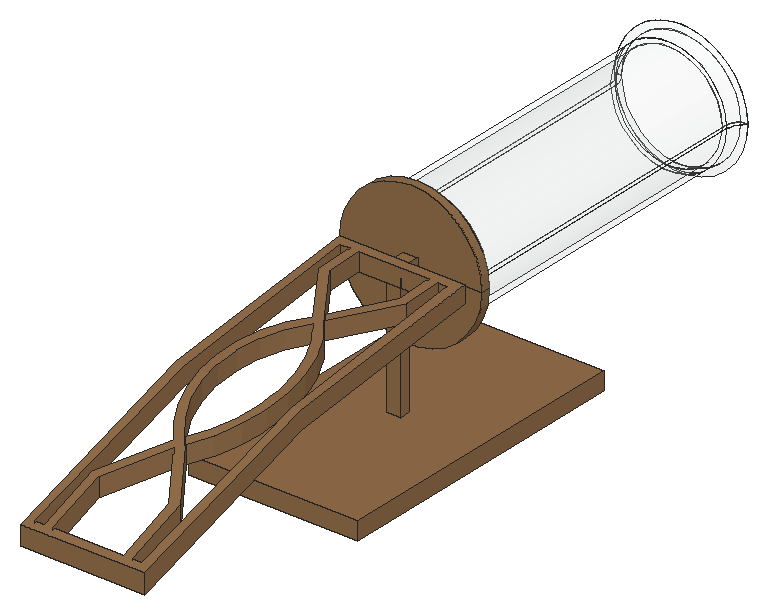
Revit family "PT", category Lighting Fixtures, host Face, Revit 2012
Parameters
  Wattage Comments = "60"
  built-in parameter 1150103 = 60 W
  Wattage = 60 VA
  built-in parameter 1150110 = 1 (stored number, unit not read)
  Voltage = 0 V
  URL = "https://progresslighting.com/"
  built-in parameter 1114217 = 1 (stored number, unit not read)
  Tilt Angle = 0.00°
  built-in parameter 1150109 = 1 (stored number, unit not read)
  built-in parameter 1150134 = 3
  built-in parameter 1150113 = 1 (stored number, unit not read)
  Product Page URL = "https://progresslighting.com/product/?sku=P300035-020&category="
  Product Documentation Link = "https://media.progresslighting.com/specsheets/P300035-020.pdf"
  Photometric Web File = "generic"
  built-in parameter 1150142 = (empty or 0)
  Mounting = "Wall Mounted"  # constant formula
  Model = "P300035-020"  # constant formula
  Manufacturer Phone Number = "(864)-678-1000"  # constant formula
  Manufacturer Fax Number = "(864)-678-1065"  # constant formula
  Manufacturer = "Progresslighting"  # constant formula
  built-in parameter 1150105 = 709.24 (stored number, unit not read)
  Lumens = 8912.52 lm
  built-in parameter 1150115 = 1 (stored number, unit not read)
  Load Classification = Lighting
  built-in parameter 1150137 = (empty or 0)
  built-in parameter 1150139 = (empty or 0)
  built-in parameter 1150112 = 1 (stored number, unit not read)
  built-in parameter 1150114 = 1 (stored number, unit not read)
  Lamp = "Bulb - Uses Candelabra Base"  # constant formula
  built-in parameter 1150132 = (empty or 0)
  built-in parameter 1150102 = (empty or 0)
  built-in parameter 1150107 = 3200 (stored number, unit not read)
  built-in parameter 1150138 = (empty or 0)
  built-in parameter 1150106 = 7.0924 (stored number, unit not read)
  Glass = Hubbell - Glass
  built-in parameter 1150104 = 13.8 (stored number, unit not read)
  Dimming Lamp Color Temperature Shift = <None>
  Description = "One-light Bath"  # constant formula
  Default Elevation = 48.00"
  Color Filter = 16777215
  built-in parameter 1114218 = 1 (stored number, unit not read)
  Back Plate = Hubbell - Antique Bronze
  built-in parameter 1150133 = 10 (stored number, unit not read)
  Apparent Load = 0 VA
Reference planes (in)
  plane 1 "Center (Front/Back)": y = 0
  plane 2: z = 0
  plane 3 "Center (Left/Right)": x = 0
  plane 4: z = 0.5
  plane 5: x = 2.375
  plane 6: x = -2.375
  plane 7: y = 4.31
  plane 8: y = -4.31
  plane 9: z = 4
  plane 10: z = 6
  plane 11: y = 10
  plane 12: y = -11
  plane 13: x = -1.75
  plane 14: x = 1.75
Forms (in)
  Extrusion 1, solid, material "Hubbell - Antique Bronze" <- "Back Plate"
    sketch origin (0, 0, 0) x (1, 0, 0) y (0, 1, 0)
      loop
        line (-2.375, 4.31) -> (-2.375, -4.31) -> (2.375, -4.31) -> (2.375, 4.31) -> (-2.375, 4.31)
    from 0 to 0.5
  Revolve 2, solid, material "Hubbell - Antique Bronze" <- "Back Plate"
    sketch origin (0, 6.46728, 4) x (0, 1, 0) y (-1, 0, 0)
      loop
        line (-5.96728, 0) -> (-5.46728, 0) -> (-5.46728, 1.75) -> (-5.71728, 1.75) -> (-5.71728, 2) -> (-5.96728, 2) -> (-5.96728, 0)
      axis (-5.46728, 0) -> (-5.96728, 0)
    angle from 0 to 360
  Revolve 3, solid, material "Hubbell - Glass" <- "Glass"
    sketch origin (0, 6.46728, 4) x (0, 1, 0) y (-1, 0, 0)
      loop
        line (-5.46728, 1.625) -> (-5.46728, 1.495) -> (3.0997, 1.495)
        arc (3.0997, 1.495) -> (3.33274, 1.53968) -> (3.53272, 1.6674) r 0.63
        line (3.53272, 1.6674) -> (3.53272, 1.875)
        arc (3.53272, 1.875) -> (3.3497, 1.69199) -> (3.0997, 1.625) r 0.5
        line (3.0997, 1.625) -> (-5.46728, 1.625)
      axis (3.53272, 0) -> (-5.46728, 0)
    angle from 0 to 360
  Extrusion 4, solid, material "Hubbell - Antique Bronze" <- "Back Plate"
    sketch origin (0, 0, 0) x (0, 1, 0) y (0, 0, 1)
      loop
        line (0.2, 3.75437) -> (0.2, 4.25447)
        arc (0.2, 4.25447) -> (-5.5099, 3.60861) -> (-11, 1.91188) r 30.75585
        line (-11, 1.91188) -> (-11, 1.36978)
        arc (-11, 1.36978) -> (-5.51384, 3.09677) -> (0.2, 3.75437) r 30.25585
    from -1.75 to 1.75
  Extrusion 5, solid, material "Hubbell - Antique Bronze" <- "Back Plate"
    sketch origin (-6.67219, -179.75, 3.75) x (-1, 0, 0) y (0, -1, 0)
      loop
        line (-6.87219, -179.95) -> (-6.47219, -179.95) -> (-6.47219, -179.65) -> (-6.87219, -179.65) -> (-6.87219, -179.95)
    from -3.25 to 0.25
  Extrusion 6, solid, material "Hubbell - Antique Bronze" <- "Back Plate"
    sketch origin (-6.67219, -180, 3.75) x (-1, 0, 0) y (0, -1, 0)
      loop
        line (-6.87219, -180.2) -> (-6.87219, -180.5) -> (-6.47219, -180.5) -> (-6.47219, -180.2) -> (-6.87219, -180.2)
    from 0 to 0.5
  Extrusion 7, void
    sketch origin (-6.67219, -180, 3.75) x (-1, 0, 0) y (0, -1, 0)
      loop
        line (-5.17219, -179.9) -> (-5.17219, -169.2) -> (-5.43682, -169.2) -> (-5.43682, -170.88201) -> (-6.5022, -172.40353)
        arc (-6.5022, -172.40353) -> (-5.54522, -174.83598) -> (-6.52214, -177.2605) r 3.53306
        line (-6.52214, -177.2605) -> (-5.43682, -178.81049) -> (-5.43682, -179.9) -> (-5.17219, -179.9)
      loop
        line (-8.17219, -179.9) -> (-7.90755, -179.9) -> (-7.90755, -178.81049) -> (-6.82224, -177.2605)
        arc (-6.82224, -177.2605) -> (-7.79915, -174.83598) -> (-6.84217, -172.40353) r 3.53306
        line (-6.84217, -172.40353) -> (-7.90755, -170.88201) -> (-7.90755, -169.2) -> (-8.17219, -169.2) -> (-8.17219, -179.9)
      loop
        line (-5.68682, -179.9) -> (-5.68682, -178.88204) -> (-6.67219, -177.47479) -> (-7.65755, -178.88204) -> (-7.65755, -179.9) -> (-5.68682, -179.9)
      loop
        line (-5.68682, -169.2) -> (-7.65755, -169.2) -> (-7.65755, -170.79331) -> (-6.67219, -172.20056) -> (-5.68682, -170.79331) -> (-5.68682, -169.2)
      loop
        arc (-6.67219, -177.05516) -> (-5.79519, -174.82148) -> (-6.67219, -172.5878) r 3.28306
        arc (-6.67219, -172.5878) -> (-7.54918, -174.82148) -> (-6.67219, -177.05516) r 3.28306
    from -2.72464 to 1
Cuts and joins
  Extrusion 7 cuts Extrusion 4
Lines and regions (in)
  reference lines
    curve 1: arc (0, -11, 1.36978) -> (0, -5.61164, 3.07578) -> (0, 0, 3.74983) r 30.25585
    curve 2: arc (0, 0, 4.25) -> (0, -5.60777, 3.58797) -> (0, -11, 1.91188) r 30.75585
    curve 3: line (-2, 0.5, 3.75) -> (2, 0.5, 3.75)
    curve 4: line (1.75, 0.2, 3.75) -> (-1.75, 0.2, 3.75)
    curve 5: line (0.2, -0.2, 3.75) -> (0.2, 0.2, 3.75)
    curve 6: line (-0.2, 0.2, 3.75) -> (-0.2, -0.2, 3.75)
Dimensions and locks (in)
  equal spacing: plane 6, plane 3 "Center (Left/Right)", plane 5
  locked: plane 6 to plane 5 at 4.75
  equal spacing: plane 7, plane 1 "Center (Front/Back)", plane 8
  locked: plane 7 to plane 8 at 8.62
  locked: plane 4 to plane 2 at 0.5
  locked: plane 10 to plane 2 at 6
  locked: plane 10 to plane 9 at 2
  locked: plane 1 "Center (Front/Back)" to plane 11 at 10
  locked: plane 11 to plane 12 at 21
  equal spacing: plane 13, plane 3 "Center (Left/Right)", plane 14, locked at 1.75 each
  cut or joined group of Extrusion 4, Extrusion 7 to cut or joined group of Extrusion 4, Extrusion 7 = 0.25"
  aligned and locked: plane 2 to host face
  aligned and locked: level to host face
  aligned and locked: Extrusion 1 sketch curve to plane 7
  aligned and locked: Extrusion 1 sketch curve to plane 8
  aligned and locked: Extrusion 1 sketch curve to plane 5
  aligned and locked: Extrusion 1 sketch curve to plane 6
  aligned and locked: plane 4 to Extrusion 1
  aligned and locked: plane 13 to Extrusion 4
  aligned and locked: plane 14 to Extrusion 4
  aligned and locked: plane 12 to Extrusion 4 sketch curve
  aligned and locked: Extrusion 4 sketch curve to curve 1
  aligned and locked: Extrusion 4 sketch curve to curve 2
  aligned and locked: Extrusion 5 to plane 4
  aligned and locked: plane 9 to Extrusion 5
  aligned and locked: Extrusion 4 sketch curve to Extrusion 5
  aligned and locked: Extrusion 6 sketch curve to Extrusion 5  (x2)
  aligned and locked: Extrusion 4 to Extrusion 6 sketch curve
  aligned and locked: Revolve 2 to Extrusion 6 sketch curve
  aligned and locked: curve 3 to Revolve 2
  aligned and locked: curve 4 to Extrusion 4
  aligned and locked: curve 5 to Extrusion 5
  aligned and locked: curve 6 to Extrusion 5
  aligned and locked: cut or joined group of Extrusion 4, Extrusion 7 to Extrusion 5
  aligned and locked: plane 9 to imposter light
  aligned and locked: imposter light to plane 7
  aligned and locked: plane 3 "Center (Left/Right)" to imposter light
Automatic sketch dimensions
  host sketch curve to host sketch curve = 96.00"  (x2)
  curve 4 to plane 14 = 0.00"
  curve 4 to plane 13 = 0.00"
  plane 14 to curve 3 = 0.25"
  plane 3 "Center (Left/Right)" to curve 5 = 0.20"
  curve 6 to plane 3 "Center (Left/Right)" = 0.20"
  plane 13 to curve 3 = 0.25"
  curve 3 to plane 1 "Center (Front/Back)" = 0.50"
  curve 4 to plane 1 "Center (Front/Back)" = 0.20"
  plane 1 "Center (Front/Back)" to curve 6 = 0.20"
  plane 1 "Center (Front/Back)" to curve 5 = 0.20"
  Revolve 2 sketch curve to plane 3 "Center (Left/Right)" = 0.00"  (x2)
  Revolve 2 sketch curve to plane 13 = 0.00"
  Revolve 2 sketch curve to plane 8 = 0.53968"
  Revolve 2 sketch curve to plane 1 "Center (Front/Back)" = 0.50"
  Revolve 2 sketch curve to Revolve 2 sketch curve = 0.25"
  Revolve 2 sketch curve to Revolve 2 sketch curve = 0.50"
  Revolve 2 sketch curve to Revolve 2 sketch curve = 0.79761"
  plane 13 to Revolve 2 sketch curve = 0.25"
  Revolve 3 sketch curve to Revolve 3 sketch curve = 0.00"  (x2)
  Revolve 3 sketch curve to plane 3 "Center (Left/Right)" = 0.00"
  Revolve 3 sketch curve to plane 11 = 0.00"
  Revolve 3 sketch curve to plane 6 = 0.25"
  Revolve 3 sketch curve to plane 11 = 0.43301"
  Revolve 3 sketch curve to plane 11 = 2.01942"
  Revolve 3 sketch curve to plane 13 = 0.255"
  Revolve 3 sketch curve to plane 1 "Center (Front/Back)" = 1.00"
  Revolve 3 sketch curve to plane 8 = 1.54058"
  Revolve 3 sketch curve to plane 13 = 0.125"
  plane 1 "Center (Front/Back)" to Extrusion 5 sketch curve = 0.10"
  plane 3 "Center (Left/Right)" to Extrusion 5 sketch curve = 0.20"
  Extrusion 5 sketch curve to plane 3 "Center (Left/Right)" = 0.20"
  Extrusion 5 sketch curve to plane 1 "Center (Front/Back)" = 0.20"
  Extrusion 7 sketch curve to Extrusion 7 sketch curve = 0.00"  (x4)
  Extrusion 7 sketch curve to plane 3 "Center (Left/Right)" = 0.00"  (x4)
  plane 3 "Center (Left/Right)" to Extrusion 7 sketch curve = 0.15005"
  plane 3 "Center (Left/Right)" to Extrusion 7 sketch curve = 0.16998"
  Extrusion 7 sketch curve to plane 14 = 0.76464"  (x2)
  Extrusion 7 sketch curve to Extrusion 7 sketch curve = 0.25"  (x4)
  Extrusion 7 sketch curve to plane 14 = 0.25"
  plane 5 to Extrusion 7 sketch curve = 0.03107"
  Extrusion 7 sketch curve to plane 3 "Center (Left/Right)" = 0.15005"
  Extrusion 7 sketch curve to plane 3 "Center (Left/Right)" = 0.16998"
  plane 1 "Center (Front/Back)" to Extrusion 7 sketch curve = 0.10"  (x3)
  Extrusion 7 sketch curve to plane 13 = 0.76464"  (x2)
  Extrusion 7 sketch curve to plane 13 = 0.25"
  plane 6 to Extrusion 7 sketch curve = 0.03107"
  Extrusion 7 sketch curve to Extrusion 7 sketch curve = 1.01796"  (x2)
  Extrusion 7 sketch curve to Extrusion 7 sketch curve = 0.07155"  (x2)
  Extrusion 7 sketch curve to Extrusion 7 sketch curve = 1.40725"
  Extrusion 7 sketch curve to Extrusion 7 sketch curve = 0.21429"  (x2)
  Extrusion 7 sketch curve to Extrusion 7 sketch curve = 0.20533"
  plane 8 to Extrusion 7 sketch curve = 0.86852"
  Extrusion 7 sketch curve to Extrusion 7 sketch curve = 0.20298"
  Extrusion 7 sketch curve to Extrusion 7 sketch curve = 1.31855"  (x2)
  Extrusion 7 sketch curve to Extrusion 7 sketch curve = 0.0887"  (x2)
  Extrusion 7 sketch curve to plane 12 = 0.20"  (x3)
Connectors (in)
  electrical at (0, 0, 0), driven by "Load Classification", driven by "Voltage", driven by "Apparent Load"
    settings: on Extrusion 1, index 1, voltage 0 V, apparent load 0 VA, apparent load phase1 0 VA, apparent load phase2 0 VA, apparent load phase3 0 VA, power factor 1, load classification "Lighting", number of poles 1, system type 30, power factor state 1, is connector primary yes, connector utility no, sub classification motor no, connector description "Electrical Connector"
